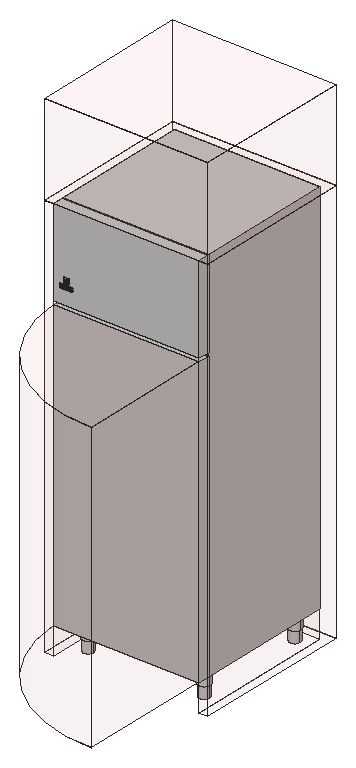
Revit family "QF_ELECTROLUXPROFESSIONAL_725223_ECBCFA100SA", category Attrezzature speciali, Revit 2018
Family settings
  Quota connettore circolare = Usa diametro
  Tipo di parte = Normale
  Basato su piano di lavoro = No
  Sempre verticale = Sì
  Taglio con vuoti quando caricato = No
  Condiviso = No
  Punto di calcolo locali = No
Parameters (values of type "Standard")
  Weight = 230.00 kg
  Watts = 5100 W
  Volts = 380 V
  URL Manufacturer = "https://www.electroluxprofessional.com/"
  URL = "https://www.electroluxprofessional.com/"
  Steam Supply Size = 0 mm
  Steam Supply Minimum Pressure = 0.0 Pa
  Steam Supply Maximum Pressure = 0.0 Pa
  Steam Consumption per Hour = 0
  Show Logo [instance] = yes
  Show Clearance [instance] = yes
  Refrigeration Suction Line Size = 0 mm
  Refrigeration Liquid Line Size = 0 mm
  Refrigerant Compressor Remote = yes
  Produttore = "Electrolux Professional"
  Phase = 3
  Modello = "ECBCFA100SA"
  Length Actual = 800 mm  # constant formula
  Item Number = "725223"
  Hot Water Size = 0 mm
  Height Actual = 2232 mm  # constant formula
  HP = "6.8 HP"
  Gas Size = 0 mm
  Gas KW = 0
  Gas Input Pressure = 0 W
  Direct Waste Size = 0 mm
  Descrizione = "BLAST CHILLER/FREEZER CW 100KG 20 GN 1/1 - R452A - 380-415V - 60HZ"
  Depth Actual = 833 mm  # constant formula
  Cycle = 60 Hz
  Condensate Return Size = 0 mm
  Compressed Air Volume = 0.0 L/s
  Compressed Air Size = 0 mm
  Compressed Air Pressure = 0.0 Pa
  Cold Water Size = 0 mm
  Accessory = yes
Types (2, lengths in mm): name | URL | Produttore | Phase | Modello | Descrizione
  (no name) | 0 | 0 | 0 | 0 | 0
  Standard | "https://www.electroluxprofessional.com/" | "Electrolux Professional" | 3 | "ECBCFA100SA" | "BLAST CHILLER/FREEZER CW 100KG 20 GN 1/1 - R452A - 380-415V - 60HZ"
Values of the unnamed type that differ from the named types
  Weight = 0.00 kg
  Watts = 0 W
  Volts = 0 V
  URL Manufacturer = ""
  Item Number = ""
  HP = ""
  Cycle = 0 Hz
Reference planes
  plane 1 "Center X": y = 131.351
  plane 2: z = 0
  plane 3 "Center Y": x = -359
  plane 4 "LEFT": x = -759
  plane 5 "BACK": y = 547.851
  plane 6 "RIGHT": x = 41
  plane 7 "FRONT": y = -285.149
  plane 8: z = 153
  plane 9 "TOP": z = 2232
  plane 10: x = -678
  plane 11: y = 475.851
  plane 12: x = -40
  plane 13: y = -52.149
  plane 14: z = 2212
  plane 15: y = -1022.149
Forms (mm)
  Extrusion 1, solid, material "QF_Finishes_Stainless Steel"
    sketch origin (0, 0, 2232) x (-1, 0, 0) y (0, -1, 0)
      loop
        line (759, 220.149) -> (-41, 220.149) -> (-41, -547.851) -> (759, -547.851) -> (759, 220.149)
    from 0 to -2079
  Extrusion 2, solid, material "QF_Finishes_Stainless Steel"
    sketch origin (-499.727, 496.851, 2154) x (1, 0, 0) y (0, 0, -1)
      loop
        circle (121.727, 1974) r 10.5
    from 0 to 10
  Extrusion 3, solid, material "QF_Finishes_Stainless Steel"
    sketch origin (-1206.916, -1524, 1911.234) x (-1, 0, 0) y (0, -1, 0)
      loop
        line (-447.916, -1238.851) -> (-1247.916, -1238.851) -> (-1247.916, -1303.851) -> (-447.916, -1303.851) -> (-447.916, -1238.851)
    from 320.766 to -159.234
  Extrusion 4, solid, material "QF_Finishes_Stainless Steel"
    sketch origin (-1206.916, -1636, 183) x (0, -1, 0) y (-1, 0, 0)
      loop
        circle (-1673.851, -847.916) r 9.5
    from 30 to 40
  Extrusion 5, solid, material "QF_Finishes_Stainless Steel"
    sketch origin (-623, 0, 1593.279) x (1, 0, 0) y (0, 1, 0)
      loop
        line (664, -285.149) -> (664, -220.149) -> (-136, -220.149) -> (-136, -285.149) -> (664, -285.149)
    from 139.721 to -1440.279
  Extrusion 6, solid, material "QF_Clearance", visible <- "Show Clearance"
    sketch origin (0, 0, 0) x (1, 0, 0) y (0, 1, 0)
      loop
        line (-759, 547.851) -> (41, 547.851) -> (41, -285.149) -> (91, -285.149) -> (91, 597.851) -> (-809, 597.851) -> (-809, -285.149) -> (-759, -285.149) -> (-759, 547.851)
    from 0 to 2232
  Extrusion 7, solid, material "QF_Clearance", visible <- "Show Clearance"
    sketch origin (0, 0, 0) x (1, 0, 0) y (0, 1, 0)
      loop
        line (-809, 597.851) -> (-809, -285.149) -> (91, -285.149) -> (91, 597.851) -> (-809, 597.851)
    from 2232 to 2732
  Extrusion 8, solid, material "QF_Clearance"
    sketch origin (0, 0, 0) x (1, 0, 0) y (0, 1, 0)
      loop
        line (41, -1022.149) -> (41, -285.149) -> (-759, -285.149)
        arc (-759, -285.149) -> (-508.136, -815.533) -> (41, -1022.149) r 781.976
    from 153 to 1733
  Extrusion 9, solid, material "QF_Finishes_Stainless Steel"
    sketch origin (-1206.916, 517.851, 128.149) x (1, 0, 0) y (0, 0, -1)
      loop
        circle (847.916, -1673.851) r 9.5
    from 30 to 40
Cuts and joins
  joined: Extrusion 1, Extrusion 2, Extrusion 4
Lines and regions (mm)
  Split face 1
    outline origin (41, -285.149, 1561.234) x (-1, 0, 0) y (0, 0, -1)
      loop
        line (800, -272) -> (600, -272) -> (575.858, -247.858) -> (224.142, -247.858) -> (200, -272) -> (0, -272)
  Split face 2
    outline origin (41, -285.149, 1561.234) x (-1, 0, 0) y (0, 0, -1)
      loop
        line (800, -232) -> (0, -232)
  Split face 3
    outline origin (22, -285.149, 1561.234) x (-1, 0, 0) y (0, 0, -1)
      loop
        line (408.5, -305.998) -> (408.5, -290.998) -> (353.5, -290.998) -> (353.5, -305.998) -> (408.5, -305.998)
  Split face 4
    outline origin (22, -285.149, 1536.234) x (-1, 0, 0) y (0, 0, -1)
      loop
        line (408.5, -305.998) -> (408.5, -290.998) -> (353.5, -290.998) -> (353.5, -305.998) -> (408.5, -305.998)
  Split face 5
    outline origin (41, -285.149, 1911.234) x (-1, 0, 0) y (0, 0, -1)
      loop
        line (800, 18.234) -> (0, 18.234)
  symbolic lines
    curve 1: line (-759, 547.851, 2232) -> (41, 547.851, 2232)
    curve 2: line (-759, -285.149, 2232) -> (-759, 547.851, 2232)
    curve 3: line (41, 547.851, 2232) -> (41, -285.149, 2232)
    curve 4: line (41, -285.149, 0) -> (-759, -285.149, 0)
  symbolic lines, style "QF_Clearances"
    curve 5: line (-809, 597.851, 0) -> (-809, -285.149, 0)
    curve 6: line (-809, -285.149, 0) -> (-759, -285.149, 0)
    curve 7: line (91, 597.851, 0) -> (91, -285.149, 0)
    curve 8: line (41, -285.149, 0) -> (91, -285.149, 0)
    curve 9: line (91, 597.851, 0) -> (-809, 597.851, 0)
  symbolic lines, style "QF_Door-Drawer Clearances"
    curve 10: arc (-759, -285.149, 0) -> (-508.136, -815.533, 0) -> (41, -1022.149, 0) r 781.976
    curve 11: line (41, -1022.149, 0) -> (41, -285.149, 0)
Dimensions and locks
  equal spacing: plane 4 "LEFT", plane 3 "Center Y", plane 6 "RIGHT"
  plane 4 "LEFT" to plane 6 "RIGHT" = 800 mm
  plane 5 "BACK" to plane 7 "FRONT" = 833 mm
  equal spacing: plane 5 "BACK", plane 1 "Center X", plane 7 "FRONT"
  cut or joined group of Extrusion 1, Extrusion 2, Extrusion 4 to Extrusion 2 sketch curve = 381 mm
  level to Extrusion 2 sketch curve = 180 mm
  plane 5 "BACK" to Extrusion 4 sketch curve = 510 mm
  plane 4 "LEFT" to Extrusion 4 sketch curve = 400 mm
  Extrusion 2 sketch curve to plane 4 "LEFT" = 381 mm
  plane 9 "TOP" to plane 2 = 2232 mm
  locked: plane 9 "TOP" to plane 14 at 20
  plane 8 to level = 153 mm
  plane 6 "RIGHT" to plane 12 = 81 mm
  plane 5 "BACK" to plane 15 = 1570 mm
  aligned and locked: level to plane 2
  aligned and locked: plane 12 to nested 3
  aligned and locked: plane 12 to nested 2
  aligned and locked: nested 4 to plane 11
  aligned and locked: nested 3 to plane 11
  aligned and locked: Extrusion 1 to plane 4 "LEFT"
  aligned and locked: plane 6 "RIGHT" to Extrusion 1
  aligned and locked: Extrusion 7 sketch curve to Extrusion 6  (x3)
  aligned and locked: Extrusion 7 to plane 9 "TOP"
  aligned and locked: Extrusion 1 to plane 8
  aligned and locked: plane 10 to nested 1
  aligned and locked: plane 10 to nested 4
  aligned and locked: plane 9 "TOP" to Extrusion 1
  aligned and locked: plane 9 "TOP" to Extrusion 6
  aligned and locked: plane 5 "BACK" to Extrusion 1 sketch curve
Automatic sketch dimensions
  curve 6 to plane 7 "FRONT" = 0 mm
  curve 4 to plane 4 "LEFT" = 0 mm
  curve 8 to plane 6 "RIGHT" = 0 mm
  curve 1 to plane 5 "BACK" = 0 mm
  curve 1 to plane 6 "RIGHT" = 0 mm
  curve 2 to plane 4 "LEFT" = 0 mm
  curve 3 to plane 7 "FRONT" = 0 mm
  curve 2 to plane 7 "FRONT" = 0 mm
  Extrusion 3 sketch curve to plane 6 "RIGHT" = 0 mm
  Extrusion 3 sketch curve to plane 4 "LEFT" = 0 mm
  Extrusion 3 sketch curve to plane 7 "FRONT" = 0 mm
  Extrusion 3 sketch curve to Extrusion 3 sketch curve = 65 mm
  Extrusion 5 sketch curve to plane 4 "LEFT" = 0 mm
  Extrusion 5 sketch curve to plane 6 "RIGHT" = 0 mm
  Extrusion 5 sketch curve to plane 7 "FRONT" = 0 mm
  Extrusion 5 sketch curve to Extrusion 5 sketch curve = 65 mm
  Split face 1 sketch curve to Extrusion 3 = 0 mm
  Extrusion 3 to Split face 1 sketch curve = 0 mm
  Split face 1 sketch curve to Extrusion 3 = 81.234 mm
  Split face 1 sketch curve to Split face 1 sketch curve = 200 mm
  Split face 1 sketch curve to Split face 1 sketch curve = 24.142 mm  (x3)
  Split face 1 sketch curve to Extrusion 3 = 57.092 mm
  Split face 1 sketch curve to Extrusion 3 = 224.142 mm
  Split face 2 sketch curve to Extrusion 3 = 0 mm
  Extrusion 3 to Split face 2 sketch curve = 0 mm
  Split face 2 sketch curve to Extrusion 3 = 41.234 mm
  Split face 3 sketch curve to Extrusion 3 = 115.232 mm
  Split face 3 sketch curve to Extrusion 3 = 372.5 mm
  Split face 3 sketch curve to Split face 3 sketch curve = 55 mm
  Split face 3 sketch curve to Split face 3 sketch curve = 15 mm
  Split face 4 sketch curve to Extrusion 3 = 90.232 mm
  Split face 4 sketch curve to Extrusion 3 = 372.5 mm
  Split face 4 sketch curve to Split face 4 sketch curve = 55 mm
  Split face 4 sketch curve to Split face 4 sketch curve = 15 mm
  Split face 5 sketch curve to Extrusion 3 = 0 mm
  Extrusion 3 to Split face 5 sketch curve = 0 mm
  Split face 5 sketch curve to Extrusion 3 = 141 mm
  Extrusion 8 sketch curve to plane 4 "LEFT" = 0 mm
  Extrusion 8 sketch curve to plane 6 "RIGHT" = 0 mm
  Extrusion 8 sketch curve to plane 15 = 0 mm
  Extrusion 8 sketch curve to plane 7 "FRONT" = 0 mm
  Extrusion 8 sketch curve to plane 6 "RIGHT" = 19.305 mm
  Extrusion 9 sketch curve to plane 3 "Center Y" = 0 mm
  plane 8 to Extrusion 9 sketch curve = 1649 mm
  Extrusion 6 sketch curve to plane 7 "FRONT" = 0 mm  (x2)
  Extrusion 6 sketch curve to plane 6 "RIGHT" = 0 mm
  Extrusion 6 sketch curve to plane 4 "LEFT" = 50 mm
  plane 6 "RIGHT" to Extrusion 6 sketch curve = 50 mm
  plane 5 "BACK" to Extrusion 6 sketch curve = 50 mm
  Extrusion 6 sketch curve to plane 5 "BACK" = 0 mm
  Extrusion 6 sketch curve to plane 4 "LEFT" = 0 mm
  plane 5 "BACK" to Extrusion 7 sketch curve = 50 mm
  Extrusion 1 sketch curve to plane 6 "RIGHT" = 0 mm
  Extrusion 1 sketch curve to plane 4 "LEFT" = 0 mm
  plane 7 "FRONT" to Extrusion 1 sketch curve = 65 mm
  curve 10 to plane 15 = 0 mm
  curve 10 to plane 6 "RIGHT" = 19.305 mm
  plane 6 "RIGHT" to curve 9 = 50 mm
  plane 5 "BACK" to curve 7 = 50 mm
  curve 9 to plane 4 "LEFT" = 50 mm
  radius of Extrusion 2 sketch curve = 10.5 mm
  radius of Extrusion 4 sketch curve = 9.5 mm
  radius of Extrusion 9 sketch curve = 9.5 mm
Nested families
  nested 1: "Foot_Complete" at (-678, -148.149, 0), type "Foot_Complete"
    with H 153 mm
  nested 2: "Foot_Complete" at (-40, -148.149, 0), type "Foot_Complete"
    with H 153 mm
  nested 3: "Foot_Complete" at (-40, 475.851, 0), type "Foot_Complete"
    with H 153 mm
  nested 4: "Foot_Complete" at (-678, 475.851, 0), type "Foot_Complete"
    with H 153 mm
  nested 5: "ELX_Pro_Logo" at (-689, -285.149, 1859.25) x (1, 0, 0) z (0, -1, 0), type "ELX_Pro_Logo"
Connectors
  piping at (-359, 37.851, 143), diameter 19
    settings: on cut or joined group of Extrusion 1, Extrusion 2, Extrusion 4, index 6, connector inside diameter 609.6 mm, connector length 0 mm, flow factor 0, pipe flow 0.0 L/s, pressure drop 0.0 Pa, fitting loss kfactor 0, connector angle 0.00°, fixture units 0, engagement length 0 mm, angle of deflection 0.00°, flow configuration 1, flow direction 2, fitting loss method 0, system type 16, joint type 0, gender type 0, connector reference index -1, connector utility 0, adjustable connector no, is connector primary yes, connector description "Drain"
  electrical at (-359, 557.851, 1802)
    settings: on Extrusion 9, index 7, voltage 0 V, apparent load 0 VA, apparent load phase1 0 VA, apparent load phase2 0 VA, apparent load phase3 0 VA, power factor 1, load classification "Altro", number of poles 1, system type 30, power factor state 1, is connector primary yes, connector utility no, sub classification motor no, connector description ""
Definition of nested family "Foot_Complete"
  Parameters
    R = 32 mm
    H = 150 mm
  Reference planes
    plane 1 "Centro (Fronte/Retro)": y = 0
    plane 2: z = 0
    plane 3 "Centro (Sinistra/Destra)": x = 0
    plane 4: z = 150
  Forms (mm)
    Revolve 1, solid
      sketch origin (255.05, 0, 608.09) x (0, 0, 1) y (-1, 0, 0)
        loop
          line (-608.09, 255.05) -> (-608.09, 226.55) -> (-544.09, 226.55) -> (-544.09, 223.05) -> (-458.09, 223.05) -> (-458.09, 255.05) -> (-608.09, 255.05)
        axis (-608.09, 255.05) -> (-458.09, 255.05)
      angle from 0 to 360
  Dimensions and locks
    locked: level to Revolve 1 sketch curve at 64
    "R": Revolve 1 sketch curve to plane 3 "Centro (Sinistra/Destra)"
    "H": plane 4 to level
    aligned and locked: level to plane 2
    aligned and locked: plane 4 to Revolve 1 sketch curve
    aligned and locked: Revolve 1 sketch curve to level
    aligned and locked: plane 3 "Centro (Sinistra/Destra)" to Revolve 1 sketch curve
  Automatic sketch dimensions
    Revolve 1 sketch curve to plane 3 "Centro (Sinistra/Destra)" = 0 mm
    plane 3 "Centro (Sinistra/Destra)" to Revolve 1 sketch curve = 28.5 mm
    Revolve 1 sketch curve to Revolve 1 sketch curve = 50 mm
    Revolve 1 sketch curve to Revolve 1 sketch curve = 20 mm
Definition of nested family "ELX_Pro_Logo"
  Parameters (values of type "ELX_Pro_Logo")
    M = none
    Default Elevation = 0 mm
  Reference planes
    plane 1 "Centro (Fronte/Retro)": y = 0
    plane 2: z = 0
    plane 3 "Centro (Sinistra/Destra)": x = 0
  Forms (mm)
    Extrusion 1, solid
      sketch origin (0, 0, 0) x (1, 0, 0) y (0, 1, 0)
        loop
          line (-1219.2, 1219.2) -> (-1219.2, -1219.2) -> (1219.2, -1219.2) -> (1219.2, 1219.2) -> (-1219.2, 1219.2)
      from 0 to -304.8
    Extrusion 2, solid, material <- "M"
      sketch origin (-144.622, -1081.55, 0) x (-1, 0, 0) y (0, -1, 0)
        loop
          line (-111.329, -1069.559) -> (-111.329, -1071.073) -> (-116.048, -1071.073) -> (-116.048, -1072.896) -> (-111.328, -1072.896) -> (-111.328, -1075.549) -> (-116.349, -1075.549) -> (-116.349, -1077.368) -> (-109.396, -1077.368) -> (-109.396, -1073.46) -> (-109.396, -1069.659)
          arc (-109.396, -1069.659) -> (-110.425, -1067.175) -> (-112.909, -1066.146) r 3.513
          line (-112.909, -1066.146) -> (-116.483, -1066.146) -> (-116.483, -1067.963) -> (-112.925, -1067.963)
          arc (-112.925, -1067.963) -> (-111.797, -1068.431) -> (-111.329, -1069.559) r 1.596
        loop
          line (-119.79, -1077.358) -> (-117.856, -1077.358) -> (-117.856, -1072.053) -> (-117.856, -1066.132) -> (-119.79, -1066.132) -> (-119.79, -1072.092) -> (-119.79, -1077.358)
        loop
          line (-122.986, -1069.718) -> (-129.327, -1069.718)
          arc (-129.327, -1069.718) -> (-129.219, -1071.449) -> (-128.497, -1073.026) r 4.757
          arc (-128.497, -1073.026) -> (-125.237, -1074.5) -> (-121.978, -1073.026) r 4.34
          arc (-121.978, -1073.026) -> (-121.072, -1070.207) -> (-121.978, -1067.388) r 4.838
          arc (-121.978, -1067.388) -> (-125.393, -1065.933) -> (-128.809, -1067.388) r 4.737
          line (-128.809, -1067.388) -> (-127.645, -1068.52)
          arc (-127.645, -1068.52) -> (-125.509, -1067.576) -> (-123.374, -1068.52) r 2.888
          arc (-123.374, -1068.52) -> (-123.05, -1069.077) -> (-122.986, -1069.718) r 1.527
        loop
          arc (-127.386, -1071.076) -> (-126.67, -1072.331) -> (-125.331, -1072.872) r 2.201
          arc (-125.331, -1072.872) -> (-123.848, -1072.402) -> (-123.033, -1071.076) r 2.23
          line (-123.033, -1071.076) -> (-127.386, -1071.076)
        loop
          line (-136.862, -1071.886) -> (-138.059, -1073.132)
          arc (-138.059, -1073.132) -> (-130.327, -1070.219) -> (-138.059, -1067.306) r 4.415
          line (-138.059, -1067.306) -> (-136.862, -1068.553)
          arc (-136.862, -1068.553) -> (-132.252, -1070.22) -> (-136.862, -1071.886) r 2.606
        loop
          line (-141.192, -1069.673) -> (-141.192, -1072.494) -> (-142.951, -1072.494) -> (-142.951, -1074.25) -> (-141.195, -1074.25) -> (-141.195, -1077.358) -> (-139.262, -1077.358) -> (-139.262, -1073.332) -> (-139.262, -1069.514)
          arc (-139.262, -1069.514) -> (-140.299, -1066.92) -> (-142.98, -1066.132) r 3.196
          line (-142.98, -1066.132) -> (-142.987, -1067.949)
          arc (-142.987, -1067.949) -> (-141.652, -1068.356) -> (-141.192, -1069.673) r 1.542
        loop
          line (-146.494, -1073.042) -> (-146.494, -1074.25) -> (-144.576, -1074.25) -> (-144.576, -1070.271) -> (-144.576, -1066.132) -> (-146.494, -1066.132) -> (-146.494, -1070.401)
          arc (-146.494, -1070.401) -> (-147.446, -1072.228) -> (-149.489, -1072.494) r 2.229
          line (-149.489, -1072.494) -> (-149.489, -1074.362)
          arc (-149.489, -1074.362) -> (-147.761, -1074.226) -> (-146.494, -1073.042) r 2.627
        loop
          line (-159.833, -1072.246) -> (-159.833, -1066.131) -> (-161.767, -1066.131) -> (-161.767, -1072.17) -> (-161.767, -1077.359) -> (-159.833, -1077.359) -> (-159.833, -1072.246)
        loop
          line (-165.194, -1069.514) -> (-165.194, -1074.25) -> (-163.245, -1074.25) -> (-163.245, -1071.898) -> (-163.245, -1069.098)
          arc (-163.245, -1069.098) -> (-166.96, -1065.769) -> (-170.687, -1069.085) r 3.745
          line (-170.687, -1069.085) -> (-170.687, -1071.898) -> (-170.687, -1074.25) -> (-168.739, -1074.25) -> (-168.739, -1069.514)
          arc (-168.739, -1069.514) -> (-166.967, -1067.742) -> (-165.194, -1069.514) r 1.772
        loop
          line (-174.654, -1070.416) -> (-172.975, -1068.078) -> (-171.578, -1066.131) -> (-173.656, -1066.131) -> (-175.717, -1068.999) -> (-177.779, -1066.131) -> (-179.857, -1066.131) -> (-178, -1068.728) -> (-176.781, -1070.433) -> (-178.29, -1072.488) -> (-179.583, -1074.25) -> (-177.473, -1074.25) -> (-175.717, -1071.818) -> (-173.945, -1074.25) -> (-171.852, -1074.25) -> (-173.052, -1072.608) -> (-174.654, -1070.416)
        loop
          circle (-154.223, -1070.188) r 2.508
        loop
          circle (-154.223, -1070.188) r 4.42
        loop
          line (-110.224, -1058.542) -> (-111.194, -1058.542)
          arc (-111.194, -1058.542) -> (-112.217, -1059.95) -> (-110.924, -1061.114) r 1.3
          line (-110.924, -1061.114) -> (-109.424, -1061.114) -> (-109.424, -1057.223) -> (-110.224, -1057.223) -> (-110.224, -1058.542)
        loop
          line (-110.224, -1060.379) -> (-110.224, -1059.293) -> (-111.03, -1059.293)
          arc (-111.03, -1059.293) -> (-111.43, -1059.836) -> (-111.03, -1060.379) r 0.569
          line (-111.03, -1060.379) -> (-110.224, -1060.379)
        loop
          line (-116.302, -1058.564) -> (-117.128, -1058.564) -> (-117.934, -1057.223) -> (-118.841, -1057.223) -> (-117.833, -1058.884)
          arc (-117.833, -1058.884) -> (-118.214, -1060.282) -> (-117.028, -1061.114) r 1.26
          line (-117.028, -1061.114) -> (-115.503, -1061.114) -> (-115.503, -1057.223) -> (-116.302, -1057.223) -> (-116.302, -1058.564)
        loop
          line (-116.302, -1060.379) -> (-116.302, -1059.293) -> (-117.109, -1059.293)
          arc (-117.109, -1059.293) -> (-117.508, -1059.836) -> (-117.109, -1060.379) r 0.569
          line (-117.109, -1060.379) -> (-116.302, -1060.379)
        loop
          line (-128.923, -1057.223) -> (-129.723, -1057.223) -> (-129.723, -1058.714) -> (-131.187, -1058.714) -> (-131.187, -1059.514) -> (-129.723, -1059.514) -> (-129.723, -1060.314) -> (-131.327, -1060.314) -> (-131.327, -1061.114) -> (-128.923, -1061.114) -> (-128.923, -1057.223)
        loop
          arc (-134.628, -1058.469) -> (-134.992, -1057.588) -> (-135.874, -1057.223) r 1.246
          line (-135.874, -1057.223) -> (-137.13, -1057.223) -> (-137.13, -1058.023) -> (-135.969, -1058.023)
          arc (-135.969, -1058.023) -> (-135.53, -1058.237) -> (-135.427, -1058.714) r 0.558
          line (-135.427, -1058.714) -> (-136.984, -1058.714) -> (-136.984, -1059.514) -> (-135.427, -1059.514) -> (-135.427, -1060.314) -> (-137.092, -1060.314) -> (-137.092, -1061.114) -> (-134.628, -1061.114) -> (-134.628, -1058.469)
        loop
          line (-152.3, -1057.223) -> (-153.1, -1057.223) -> (-153.1, -1061.114) -> (-152.3, -1061.114) -> (-152.3, -1057.223)
        loop
          line (-164.67, -1057.223) -> (-164.67, -1059.67) -> (-166.45, -1057.223) -> (-167.25, -1057.223) -> (-167.25, -1061.114) -> (-166.42, -1061.114) -> (-166.42, -1058.594) -> (-164.64, -1061.114) -> (-163.84, -1061.114) -> (-163.84, -1057.223) -> (-164.67, -1057.223)
        loop
          line (-170.403, -1057.223) -> (-171.262, -1057.223) -> (-171.641, -1058.063) -> (-173.08, -1058.063) -> (-173.459, -1057.223) -> (-174.317, -1057.223) -> (-172.796, -1061.113) -> (-171.996, -1061.113) -> (-170.403, -1057.223)
        loop
          line (-177.493, -1057.223) -> (-179.789, -1057.223) -> (-179.789, -1058.023) -> (-178.293, -1058.023) -> (-178.293, -1061.114) -> (-177.493, -1061.114) -> (-177.493, -1057.223)
        loop
          line (-172.362, -1059.848) -> (-171.945, -1058.83) -> (-172.76, -1058.83) -> (-172.362, -1059.848)
        loop
          circle (-158.484, -1059.145) r 1.288
        loop
          circle (-158.484, -1059.145) r 2.065
        loop
          arc (-146.04, -1058.095) -> (-146.933, -1057.275) -> (-148.145, -1057.245) r 1.725
          arc (-148.145, -1057.245) -> (-148.965, -1058.02) -> (-148.68, -1059.111) r 1.107
          arc (-148.68, -1059.111) -> (-148.103, -1059.465) -> (-147.486, -1059.746) r 5.523
          arc (-147.486, -1059.746) -> (-147.147, -1060.262) -> (-147.708, -1060.52) r 0.407
          arc (-147.708, -1060.52) -> (-148.045, -1060.315) -> (-148.325, -1060.038) r 1.702
          line (-148.325, -1060.038) -> (-149.011, -1060.45)
          arc (-149.011, -1060.45) -> (-148.578, -1060.911) -> (-148.043, -1061.247) r 2.463
          arc (-148.043, -1061.247) -> (-146.373, -1060.466) -> (-147.42, -1058.949) r 1.207
          spline (-147.42, -1058.949) -> (-147.716, -1058.809) -> (-147.932, -1058.678) -> (-148.077, -1058.557) -> (-148.163, -1058.446) -> (-148.198, -1058.347) -> (-148.192, -1058.258) -> (-148.157, -1058.182) -> (-148.102, -1058.118) -> (-148.037, -1058.068) -> (-147.972, -1058.031) -> (-147.917, -1058.008) -> (-147.883, -1058)
          arc (-147.883, -1058) -> (-147.238, -1058.014) -> (-146.759, -1058.446) r 0.925
          line (-146.759, -1058.446) -> (-146.04, -1058.095)
        loop
          arc (-140.18, -1058.095) -> (-141.073, -1057.275) -> (-142.285, -1057.245) r 1.725
          arc (-142.285, -1057.245) -> (-143.106, -1058.02) -> (-142.821, -1059.111) r 1.107
          arc (-142.821, -1059.111) -> (-142.243, -1059.465) -> (-141.627, -1059.746) r 5.523
          arc (-141.627, -1059.746) -> (-141.287, -1060.262) -> (-141.849, -1060.52) r 0.407
          arc (-141.849, -1060.52) -> (-142.185, -1060.315) -> (-142.466, -1060.038) r 1.702
          line (-142.466, -1060.038) -> (-143.151, -1060.45)
          arc (-143.151, -1060.45) -> (-142.719, -1060.911) -> (-142.183, -1061.247) r 2.463
          arc (-142.183, -1061.247) -> (-140.513, -1060.466) -> (-141.56, -1058.949) r 1.207
          spline (-141.56, -1058.949) -> (-141.856, -1058.809) -> (-142.072, -1058.678) -> (-142.218, -1058.557) -> (-142.303, -1058.446) -> (-142.338, -1058.347) -> (-142.333, -1058.258) -> (-142.298, -1058.182) -> (-142.242, -1058.118) -> (-142.177, -1058.068) -> (-142.112, -1058.031) -> (-142.057, -1058.008) -> (-142.023, -1058)
          arc (-142.023, -1058) -> (-141.378, -1058.014) -> (-140.9, -1058.446) r 0.925
          line (-140.9, -1058.446) -> (-140.18, -1058.095)
        loop
          circle (-123.484, -1059.145) r 1.288
        loop
          circle (-123.484, -1059.145) r 2.065
        loop
          line (-130.225, -1113.361) -> (-130.225, -1084.645) -> (-158.979, -1084.645) -> (-158.979, -1113.361) -> (-130.225, -1113.361)
        loop
          arc (-148.442, -1086.055) -> (-157.992, -1098.973) -> (-148.442, -1111.892) r 13.512
          line (-148.442, -1111.892) -> (-148.442, -1086.055)
        loop
          line (-147.127, -1086.055) -> (-147.127, -1087.926)
          arc (-147.127, -1087.926) -> (-143.116, -1095.125) -> (-135.48, -1098.224) r 12.412
          line (-135.48, -1098.224) -> (-131.205, -1098.224)
          arc (-131.205, -1098.224) -> (-136.382, -1088.497) -> (-147.127, -1086.055) r 13.242
        loop
          line (-147.127, -1110.021) -> (-147.127, -1112.224)
          arc (-147.127, -1112.224) -> (-136.374, -1109.53) -> (-131.205, -1099.722) r 13.588
          line (-131.205, -1099.722) -> (-135.48, -1099.722)
          arc (-135.48, -1099.722) -> (-143.116, -1102.822) -> (-147.127, -1110.021) r 12.412
      from 0 to 1.6
  Lines and regions (mm)
    symbolic lines
      curve 1: line (-14.357, 31.811, 0) -> (14.357, 31.811, 0)
      curve 2: line (-14.357, 3.095, 0) -> (-14.357, 31.811, 0)
      curve 3: line (14.357, 3.095, 0) -> (-14.357, 3.095, 0)
      curve 4: line (14.357, 31.811, 0) -> (14.357, 3.095, 0)
      curve 5: line (-8.32, 7.722, 0) -> (-9.387, 8.738, 0)
      curve 6: line (-9.387, 8.738, 0) -> (-10.331, 9.866, 0)
      curve 7: line (-10.331, 9.866, 0) -> (-11.141, 11.095, 0)
      curve 8: line (-11.141, 11.095, 0) -> (-11.805, 12.411, 0)
      curve 9: line (-11.805, 12.411, 0) -> (-12.31, 13.803, 0)
      curve 10: line (-12.31, 13.803, 0) -> (-12.646, 15.26, 0)
      curve 11: line (-12.646, 15.26, 0) -> (-12.8, 16.77, 0)
      curve 12: line (-12.8, 16.77, 0) -> (-10.081, 16.77, 0)
      curve 13: line (-10.081, 16.77, 0) -> (-8.466, 16.661, 0)
      curve 14: line (-8.466, 16.661, 0) -> (-6.88, 16.344, 0)
      curve 15: line (-6.88, 16.344, 0) -> (-5.345, 15.833, 0)
      curve 16: line (-5.345, 15.833, 0) -> (-3.882, 15.143, 0)
      curve 17: line (-3.882, 15.143, 0) -> (-2.511, 14.288, 0)
      curve 18: line (-2.511, 14.288, 0) -> (-1.255, 13.283, 0)
      curve 19: line (-1.255, 13.283, 0) -> (-0.135, 12.143, 0)
      curve 20: line (-0.135, 12.143, 0) -> (0.83, 10.882, 0)
      curve 21: line (0.83, 10.882, 0) -> (1.616, 9.515, 0)
      curve 22: arc (1.616, 9.515, 0) -> (2.419, 7.28, 0) -> (2.7, 4.923, 0) r 10.532
      curve 23: arc (2.7, 4.923, 0) -> (1.362, 4.715, 0) -> (0.011, 4.633, 0) r 14.39
      curve 24: line (0.011, 4.633, 0) -> (-1.56, 4.731, 0)
      curve 25: line (-1.56, 4.731, 0) -> (-3.062, 5.011, 0)
      curve 26: line (-3.062, 5.011, 0) -> (-4.502, 5.462, 0)
      curve 27: line (-4.502, 5.462, 0) -> (-5.866, 6.072, 0)
      curve 28: line (-5.866, 6.072, 0) -> (-7.142, 6.829, 0)
      curve 29: line (-7.142, 6.829, 0) -> (-8.32, 7.722, 0)
      curve 30: line (-10.802, 24.24, 0) -> (-9.872, 25.531, 0)
      curve 31: line (-9.872, 25.531, 0) -> (-8.796, 26.699, 0)
      curve 32: line (-8.796, 26.699, 0) -> (-7.587, 27.728, 0)
      curve 33: line (-7.587, 27.728, 0) -> (-6.258, 28.602, 0)
      curve 34: line (-6.258, 28.602, 0) -> (-4.823, 29.309, 0)
      curve 35: line (-4.823, 29.309, 0) -> (-3.293, 29.832, 0)
      curve 36: line (-3.293, 29.832, 0) -> (-1.683, 30.156, 0)
      curve 37: arc (-1.683, 30.156, 0) -> (0.517, 30.256, 0) -> (2.702, 29.984, 0) r 13.008
      curve 38: arc (2.702, 29.984, 0) -> (2.453, 27.616, 0) -> (1.617, 25.387, 0) r 9.395
      curve 39: line (1.617, 25.387, 0) -> (0.83, 24.018, 0)
      curve 40: line (0.83, 24.018, 0) -> (-0.134, 22.756, 0)
      curve 41: line (-0.134, 22.756, 0) -> (-1.255, 21.615, 0)
      curve 42: line (-1.255, 21.615, 0) -> (-2.512, 20.609, 0)
      curve 43: line (-2.512, 20.609, 0) -> (-3.882, 19.754, 0)
      curve 44: line (-3.882, 19.754, 0) -> (-5.346, 19.063, 0)
      curve 45: line (-5.346, 19.063, 0) -> (-6.881, 18.551, 0)
      curve 46: line (-6.881, 18.551, 0) -> (-8.467, 18.234, 0)
      curve 47: line (-8.467, 18.234, 0) -> (-10.083, 18.125, 0)
      curve 48: line (-10.083, 18.125, 0) -> (-12.798, 18.125, 0)
      curve 49: line (-12.798, 18.125, 0) -> (-12.584, 19.768, 0)
      curve 50: line (-12.584, 19.768, 0) -> (-12.171, 21.343, 0)
      curve 51: line (-12.171, 21.343, 0) -> (-11.572, 22.839, 0)
      curve 52: line (-11.572, 22.839, 0) -> (-10.802, 24.24, 0)
      curve 53: line (4.048, 5.294, 0) -> (4.048, 29.617, 0)
      curve 54: line (4.048, 29.617, 0) -> (5.525, 29.026, 0)
      curve 55: line (5.525, 29.026, 0) -> (6.905, 28.26, 0)
      curve 56: line (6.905, 28.26, 0) -> (8.174, 27.332, 0)
      curve 57: line (8.174, 27.332, 0) -> (9.318, 26.256, 0)
      curve 58: line (9.318, 26.256, 0) -> (10.323, 25.046, 0)
      curve 59: line (10.323, 25.046, 0) -> (11.177, 23.715, 0)
      curve 60: line (11.177, 23.715, 0) -> (11.865, 22.277, 0)
      curve 61: line (11.865, 22.277, 0) -> (12.375, 20.746, 0)
      curve 62: line (12.375, 20.746, 0) -> (12.693, 19.135, 0)
      curve 63: line (12.693, 19.135, 0) -> (12.804, 17.459, 0)
      curve 64: line (12.804, 17.459, 0) -> (12.702, 15.807, 0)
      curve 65: line (12.702, 15.807, 0) -> (12.396, 14.216, 0)
      curve 66: line (12.396, 14.216, 0) -> (11.897, 12.7, 0)
      curve 67: line (11.897, 12.7, 0) -> (11.218, 11.271, 0)
      curve 68: line (11.218, 11.271, 0) -> (10.372, 9.944, 0)
      curve 69: line (10.372, 9.944, 0) -> (9.37, 8.731, 0)
      curve 70: line (9.37, 8.731, 0) -> (8.224, 7.646, 0)
      curve 71: line (8.224, 7.646, 0) -> (6.947, 6.703, 0)
      curve 72: line (6.947, 6.703, 0) -> (5.551, 5.914, 0)
      curve 73: line (5.551, 5.914, 0) -> (4.048, 5.294, 0)
      curve 74: line (-35.227, -8.09, 0) -> (-35.227, -11.891, 0)
      curve 75: arc (-35.227, -11.891, 0) -> (-34.198, -14.375, 0) -> (-31.714, -15.404, 0) r 3.513
      curve 76: line (-31.714, -15.404, 0) -> (-28.139, -15.404, 0)
      curve 77: line (-28.139, -15.404, 0) -> (-28.139, -13.587, 0)
      curve 78: line (-28.139, -13.587, 0) -> (-31.697, -13.587, 0)
      curve 79: arc (-31.697, -13.587, 0) -> (-32.826, -13.119, 0) -> (-33.293, -11.991, 0) r 1.596
      curve 80: line (-33.293, -11.991, 0) -> (-33.293, -10.477, 0)
      curve 81: line (-33.293, -10.477, 0) -> (-28.574, -10.477, 0)
      curve 82: line (-28.574, -10.477, 0) -> (-28.574, -8.654, 0)
      curve 83: line (-28.574, -8.654, 0) -> (-33.294, -8.654, 0)
      curve 84: line (-33.294, -8.654, 0) -> (-33.294, -6.001, 0)
      curve 85: line (-33.294, -6.001, 0) -> (-28.273, -6.001, 0)
      curve 86: line (-28.273, -6.001, 0) -> (-28.273, -4.182, 0)
      curve 87: line (-28.273, -4.182, 0) -> (-35.227, -4.182, 0)
      curve 88: line (-35.227, -4.182, 0) -> (-35.227, -8.09, 0)
      curve 89: line (-24.833, -9.458, 0) -> (-24.833, -4.192, 0)
      curve 90: line (-24.833, -4.192, 0) -> (-26.766, -4.192, 0)
      curve 91: line (-26.766, -4.192, 0) -> (-26.766, -9.497, 0)
      curve 92: line (-26.766, -9.497, 0) -> (-26.766, -15.418, 0)
      curve 93: line (-26.766, -15.418, 0) -> (-24.833, -15.418, 0)
      curve 94: line (-24.833, -15.418, 0) -> (-24.833, -9.458, 0)
      curve 95: arc (-16.125, -8.524, 0) -> (-19.385, -7.05, 0) -> (-22.645, -8.524, 0) r 4.34
      curve 96: arc (-22.645, -8.524, 0) -> (-23.551, -11.343, 0) -> (-22.645, -14.162, 0) r 4.838
      curve 97: arc (-22.645, -14.162, 0) -> (-19.229, -15.617, 0) -> (-15.813, -14.162, 0) r 4.737
      curve 98: line (-15.813, -14.162, 0) -> (-16.978, -13.03, 0)
      curve 99: arc (-16.978, -13.03, 0) -> (-19.113, -13.974, 0) -> (-21.249, -13.03, 0) r 2.888
      curve 100: arc (-21.249, -13.03, 0) -> (-21.572, -12.473, 0) -> (-21.637, -11.832, 0) r 1.527
      curve 101: line (-21.637, -11.832, 0) -> (-15.295, -11.832, 0)
      curve 102: arc (-15.295, -11.832, 0) -> (-15.404, -10.101, 0) -> (-16.125, -8.524, 0) r 4.757
      curve 103: line (-17.236, -10.474, 0) -> (-21.589, -10.474, 0)
      curve 104: arc (-21.589, -10.474, 0) -> (-20.774, -9.148, 0) -> (-19.291, -8.678, 0) r 2.23
      curve 105: arc (-19.291, -8.678, 0) -> (-17.952, -9.219, 0) -> (-17.236, -10.474, 0) r 2.201
      curve 106: arc (-6.563, -8.418, 0) -> (-14.295, -11.331, 0) -> (-6.563, -14.244, 0) r 4.415
      curve 107: line (-6.563, -14.244, 0) -> (-7.761, -12.997, 0)
      curve 108: arc (-7.761, -12.997, 0) -> (-12.371, -11.33, 0) -> (-7.761, -9.664, 0) r 2.606
      curve 109: line (-7.761, -9.664, 0) -> (-6.563, -8.418, 0)
      curve 110: line (-5.361, -4.192, 0) -> (-5.361, -8.218, 0)
      curve 111: line (-5.361, -8.218, 0) -> (-5.361, -12.036, 0)
      curve 112: arc (-5.361, -12.036, 0) -> (-4.323, -14.63, 0) -> (-1.642, -15.418, 0) r 3.196
      curve 113: line (-1.642, -15.418, 0) -> (-1.636, -13.601, 0)
      curve 114: arc (-1.636, -13.601, 0) -> (-2.97, -13.194, 0) -> (-3.43, -11.877, 0) r 1.542
      curve 115: line (-3.43, -11.877, 0) -> (-3.43, -9.056, 0)
      curve 116: line (-3.43, -9.056, 0) -> (-1.672, -9.056, 0)
      curve 117: line (-1.672, -9.056, 0) -> (-1.672, -7.299, 0)
      curve 118: line (-1.672, -7.299, 0) -> (-3.427, -7.299, 0)
      curve 119: line (-3.427, -7.299, 0) -> (-3.427, -4.192, 0)
      curve 120: line (-3.427, -4.192, 0) -> (-5.361, -4.192, 0)
      curve 121: line (1.872, -7.3, 0) -> (-0.046, -7.3, 0)
      curve 122: line (-0.046, -7.3, 0) -> (-0.046, -11.279, 0)
      curve 123: line (-0.046, -11.279, 0) -> (-0.046, -15.418, 0)
      curve 124: line (-0.046, -15.418, 0) -> (1.872, -15.418, 0)
      curve 125: line (1.872, -15.418, 0) -> (1.872, -11.149, 0)
      curve 126: arc (1.872, -11.149, 0) -> (2.824, -9.322, 0) -> (4.867, -9.056, 0) r 2.229
      curve 127: line (4.867, -9.056, 0) -> (4.867, -7.188, 0)
      curve 128: arc (4.867, -7.188, 0) -> (3.138, -7.324, 0) -> (1.872, -8.508, 0) r 2.627
      curve 129: line (1.872, -8.508, 0) -> (1.872, -7.3, 0)
      curve 130: arc (7.092, -11.362, 0) -> (9.601, -8.854, 0) -> (12.109, -11.362, 0) r 2.508
      curve 131: arc (12.109, -11.362, 0) -> (9.601, -13.871, 0) -> (7.092, -11.362, 0) r 2.508
      curve 132: arc (5.18, -11.362, 0) -> (9.601, -15.783, 0) -> (14.021, -11.362, 0) r 4.42
      curve 133: arc (14.021, -11.362, 0) -> (9.601, -6.942, 0) -> (5.18, -11.362, 0) r 4.42
      curve 134: line (15.211, -4.191, 0) -> (15.211, -9.304, 0)
      curve 135: line (15.211, -9.304, 0) -> (15.211, -15.419, 0)
      curve 136: line (15.211, -15.419, 0) -> (17.145, -15.419, 0)
      curve 137: line (17.145, -15.419, 0) -> (17.145, -9.38, 0)
      curve 138: line (17.145, -9.38, 0) -> (17.145, -4.191, 0)
      curve 139: line (17.145, -4.191, 0) -> (15.211, -4.191, 0)
      curve 140: line (18.622, -7.299, 0) -> (18.622, -9.652, 0)
      curve 141: line (18.622, -9.652, 0) -> (18.622, -12.452, 0)
      curve 142: arc (18.622, -12.452, 0) -> (22.338, -15.781, 0) -> (26.064, -12.465, 0) r 3.745
      curve 143: line (26.064, -12.465, 0) -> (26.064, -9.652, 0)
      curve 144: line (26.064, -9.652, 0) -> (26.064, -7.299, 0)
      curve 145: line (26.064, -7.299, 0) -> (24.116, -7.299, 0)
      curve 146: line (24.116, -7.299, 0) -> (24.116, -12.036, 0)
      curve 147: arc (24.116, -12.036, 0) -> (22.344, -13.808, 0) -> (20.572, -12.036, 0) r 1.772
      curve 148: line (20.572, -12.036, 0) -> (20.572, -7.299, 0)
      curve 149: line (20.572, -7.299, 0) -> (18.622, -7.299, 0)
      curve 150: line (28.43, -8.942, 0) -> (30.032, -11.134, 0)
      curve 151: line (30.032, -11.134, 0) -> (28.353, -13.472, 0)
      curve 152: line (28.353, -13.472, 0) -> (26.955, -15.419, 0)
      curve 153: line (26.955, -15.419, 0) -> (29.033, -15.419, 0)
      curve 154: line (29.033, -15.419, 0) -> (31.095, -12.551, 0)
      curve 155: line (31.095, -12.551, 0) -> (33.156, -15.419, 0)
      curve 156: line (33.156, -15.419, 0) -> (35.234, -15.419, 0)
      curve 157: line (35.234, -15.419, 0) -> (33.378, -12.822, 0)
      curve 158: line (33.378, -12.822, 0) -> (32.158, -11.117, 0)
      curve 159: line (32.158, -11.117, 0) -> (33.668, -9.062, 0)
      curve 160: line (33.668, -9.062, 0) -> (34.961, -7.3, 0)
      curve 161: line (34.961, -7.3, 0) -> (32.851, -7.3, 0)
      curve 162: line (32.851, -7.3, 0) -> (31.095, -9.732, 0)
      curve 163: line (31.095, -9.732, 0) -> (29.323, -7.3, 0)
      curve 164: line (29.323, -7.3, 0) -> (27.23, -7.3, 0)
      curve 165: line (27.23, -7.3, 0) -> (28.43, -8.942, 0)
      curve 166: line (-35.198, -20.436, 0) -> (-35.198, -24.327, 0)
      curve 167: line (-35.198, -24.327, 0) -> (-34.398, -24.327, 0)
      curve 168: line (-34.398, -24.327, 0) -> (-34.398, -23.008, 0)
      curve 169: line (-34.398, -23.008, 0) -> (-33.428, -23.008, 0)
      curve 170: arc (-33.428, -23.008, 0) -> (-32.405, -21.6, 0) -> (-33.699, -20.436, 0) r 1.3
      curve 171: line (-33.699, -20.436, 0) -> (-35.198, -20.436, 0)
      curve 172: line (-34.398, -22.257, 0) -> (-34.398, -21.171, 0)
      curve 173: line (-34.398, -21.171, 0) -> (-33.592, -21.171, 0)
      curve 174: arc (-33.592, -21.171, 0) -> (-33.192, -21.714, 0) -> (-33.592, -22.257, 0) r 0.569
      curve 175: line (-33.592, -22.257, 0) -> (-34.398, -22.257, 0)
      curve 176: line (-29.12, -20.436, 0) -> (-29.12, -24.327, 0)
      curve 177: line (-29.12, -24.327, 0) -> (-28.32, -24.327, 0)
      curve 178: line (-28.32, -24.327, 0) -> (-28.32, -22.986, 0)
      curve 179: line (-28.32, -22.986, 0) -> (-27.494, -22.986, 0)
      curve 180: line (-27.494, -22.986, 0) -> (-26.688, -24.327, 0)
      curve 181: line (-26.688, -24.327, 0) -> (-25.781, -24.327, 0)
      curve 182: line (-25.781, -24.327, 0) -> (-26.789, -22.666, 0)
      curve 183: arc (-26.789, -22.666, 0) -> (-26.409, -21.268, 0) -> (-27.594, -20.436, 0) r 1.26
      curve 184: line (-27.594, -20.436, 0) -> (-29.12, -20.436, 0)
      curve 185: line (-28.32, -22.257, 0) -> (-28.32, -21.171, 0)
      curve 186: line (-28.32, -21.171, 0) -> (-27.514, -21.171, 0)
      curve 187: arc (-27.514, -21.171, 0) -> (-27.114, -21.714, 0) -> (-27.514, -22.257, 0) r 0.569
      curve 188: line (-27.514, -22.257, 0) -> (-28.32, -22.257, 0)
      curve 189: arc (-22.427, -22.405, 0) -> (-21.138, -21.117, 0) -> (-19.85, -22.405, 0) r 1.288
      curve 190: arc (-19.85, -22.405, 0) -> (-21.138, -23.694, 0) -> (-22.427, -22.405, 0) r 1.288
      curve 191: arc (-23.203, -22.405, 0) -> (-21.138, -24.47, 0) -> (-19.074, -22.405, 0) r 2.065
      curve 192: arc (-19.074, -22.405, 0) -> (-21.138, -20.34, 0) -> (-23.203, -22.405, 0) r 2.065
      curve 193: line (-15.7, -20.436, 0) -> (-15.7, -24.327, 0)
      curve 194: line (-15.7, -24.327, 0) -> (-14.9, -24.327, 0)
      curve 195: line (-14.9, -24.327, 0) -> (-14.9, -22.836, 0)
      curve 196: line (-14.9, -22.836, 0) -> (-13.436, -22.836, 0)
      curve 197: line (-13.436, -22.836, 0) -> (-13.436, -22.036, 0)
      curve 198: line (-13.436, -22.036, 0) -> (-14.9, -22.036, 0)
      curve 199: line (-14.9, -22.036, 0) -> (-14.9, -21.236, 0)
      curve 200: line (-14.9, -21.236, 0) -> (-13.295, -21.236, 0)
      curve 201: line (-13.295, -21.236, 0) -> (-13.295, -20.436, 0)
      curve 202: line (-13.295, -20.436, 0) -> (-15.7, -20.436, 0)
      curve 203: line (-9.995, -20.436, 0) -> (-9.995, -23.081, 0)
      curve 204: arc (-9.995, -23.081, 0) -> (-9.63, -23.962, 0) -> (-8.749, -24.327, 0) r 1.246
      curve 205: line (-8.749, -24.327, 0) -> (-7.492, -24.327, 0)
      curve 206: line (-7.492, -24.327, 0) -> (-7.492, -23.527, 0)
      curve 207: line (-7.492, -23.527, 0) -> (-8.653, -23.527, 0)
      curve 208: arc (-8.653, -23.527, 0) -> (-9.092, -23.313, 0) -> (-9.195, -22.836, 0) r 0.558
      curve 209: line (-9.195, -22.836, 0) -> (-7.639, -22.836, 0)
      curve 210: line (-7.639, -22.836, 0) -> (-7.639, -22.036, 0)
      curve 211: line (-7.639, -22.036, 0) -> (-9.195, -22.036, 0)
      curve 212: line (-9.195, -22.036, 0) -> (-9.195, -21.236, 0)
      curve 213: line (-9.195, -21.236, 0) -> (-7.53, -21.236, 0)
      curve 214: line (-7.53, -21.236, 0) -> (-7.53, -20.436, 0)
      curve 215: line (-7.53, -20.436, 0) -> (-9.995, -20.436, 0)
      curve 216: arc (-4.442, -23.455, 0) -> (-3.549, -24.275, 0) -> (-2.337, -24.305, 0) r 1.725
      curve 217: arc (-2.337, -24.305, 0) -> (-1.517, -23.53, 0) -> (-1.802, -22.439, 0) r 1.107
      curve 218: arc (-1.802, -22.439, 0) -> (-2.379, -22.085, 0) -> (-2.996, -21.804, 0) r 5.523
      curve 219: arc (-2.996, -21.804, 0) -> (-3.336, -21.288, 0) -> (-2.774, -21.03, 0) r 0.407
      curve 220: arc (-2.774, -21.03, 0) -> (-2.437, -21.235, 0) -> (-2.157, -21.512, 0) r 1.702
      curve 221: line (-2.157, -21.512, 0) -> (-1.471, -21.1, 0)
      curve 222: arc (-1.471, -21.1, 0) -> (-1.904, -20.639, 0) -> (-2.44, -20.303, 0) r 2.463
      curve 223: arc (-2.44, -20.303, 0) -> (-4.109, -21.084, 0) -> (-3.062, -22.601, 0) r 1.207
      curve 224: line (-3.062, -22.601, 0) -> (-2.6, -23.549, 0)
      curve 225: arc (-2.6, -23.549, 0) -> (-3.244, -23.536, 0) -> (-3.723, -23.104, 0) r 0.925
      curve 226: line (-3.723, -23.104, 0) -> (-4.442, -23.455, 0)
      curve 227: arc (1.418, -23.455, 0) -> (2.311, -24.275, 0) -> (3.523, -24.305, 0) r 1.725
      curve 228: arc (3.523, -24.305, 0) -> (4.343, -23.53, 0) -> (4.058, -22.439, 0) r 1.107
      curve 229: arc (4.058, -22.439, 0) -> (3.48, -22.085, 0) -> (2.864, -21.804, 0) r 5.523
      curve 230: arc (2.864, -21.804, 0) -> (2.524, -21.288, 0) -> (3.086, -21.03, 0) r 0.407
      curve 231: arc (3.086, -21.03, 0) -> (3.423, -21.235, 0) -> (3.703, -21.512, 0) r 1.702
      curve 232: line (3.703, -21.512, 0) -> (4.389, -21.1, 0)
      curve 233: arc (4.389, -21.1, 0) -> (3.956, -20.639, 0) -> (3.42, -20.303, 0) r 2.463
      curve 234: arc (3.42, -20.303, 0) -> (1.75, -21.084, 0) -> (2.798, -22.601, 0) r 1.207
      curve 235: line (2.798, -22.601, 0) -> (3.26, -23.549, 0)
      curve 236: arc (3.26, -23.549, 0) -> (2.616, -23.536, 0) -> (2.137, -23.104, 0) r 0.925
      curve 237: line (2.137, -23.104, 0) -> (1.418, -23.455, 0)
      curve 238: line (7.678, -24.327, 0) -> (8.478, -24.327, 0)
      curve 239: line (8.478, -24.327, 0) -> (8.478, -20.436, 0)
      curve 240: line (8.478, -20.436, 0) -> (7.678, -20.436, 0)
      curve 241: line (7.678, -20.436, 0) -> (7.678, -24.327, 0)
      curve 242: arc (11.797, -22.405, 0) -> (13.862, -24.47, 0) -> (15.926, -22.405, 0) r 2.065
      curve 243: arc (15.15, -22.405, 0) -> (13.862, -23.694, 0) -> (12.573, -22.405, 0) r 1.288
      curve 244: arc (12.573, -22.405, 0) -> (13.862, -21.117, 0) -> (15.15, -22.405, 0) r 1.288
      curve 245: arc (15.926, -22.405, 0) -> (13.862, -20.34, 0) -> (11.797, -22.405, 0) r 2.065
      curve 246: line (19.217, -20.436, 0) -> (19.217, -24.327, 0)
      curve 247: line (19.217, -24.327, 0) -> (20.048, -24.327, 0)
      curve 248: line (20.048, -24.327, 0) -> (20.048, -21.88, 0)
      curve 249: line (20.048, -21.88, 0) -> (21.828, -24.327, 0)
      curve 250: line (21.828, -24.327, 0) -> (22.628, -24.327, 0)
      curve 251: line (22.628, -24.327, 0) -> (22.628, -20.436, 0)
      curve 252: line (22.628, -20.436, 0) -> (21.797, -20.436, 0)
      curve 253: line (21.797, -20.436, 0) -> (21.797, -22.956, 0)
      curve 254: line (21.797, -22.956, 0) -> (20.017, -20.436, 0)
      curve 255: line (20.017, -20.436, 0) -> (19.217, -20.436, 0)
      curve 256: line (27.374, -20.437, 0) -> (25.781, -24.327, 0)
      curve 257: line (25.781, -24.327, 0) -> (26.64, -24.327, 0)
      curve 258: line (26.64, -24.327, 0) -> (27.018, -23.487, 0)
      curve 259: line (27.018, -23.487, 0) -> (28.458, -23.487, 0)
      curve 260: line (28.458, -23.487, 0) -> (28.836, -24.327, 0)
      curve 261: line (28.836, -24.327, 0) -> (29.695, -24.327, 0)
      curve 262: line (29.695, -24.327, 0) -> (28.174, -20.437, 0)
      curve 263: line (28.174, -20.437, 0) -> (27.374, -20.437, 0)
      curve 264: line (27.322, -22.72, 0) -> (27.739, -21.702, 0)
      curve 265: line (27.739, -21.702, 0) -> (28.137, -22.72, 0)
      curve 266: line (28.137, -22.72, 0) -> (27.322, -22.72, 0)
      curve 267: line (32.87, -20.436, 0) -> (32.87, -24.327, 0)
      curve 268: line (32.87, -24.327, 0) -> (35.166, -24.327, 0)
      curve 269: line (35.166, -24.327, 0) -> (35.166, -23.527, 0)
      curve 270: line (35.166, -23.527, 0) -> (33.67, -23.527, 0)
      curve 271: line (33.67, -23.527, 0) -> (33.67, -20.436, 0)
      curve 272: line (33.67, -20.436, 0) -> (32.87, -20.436, 0)
  Dimensions and locks
    aligned and locked: plane 2 to Extrusion 1
    aligned and locked: level to Extrusion 1
